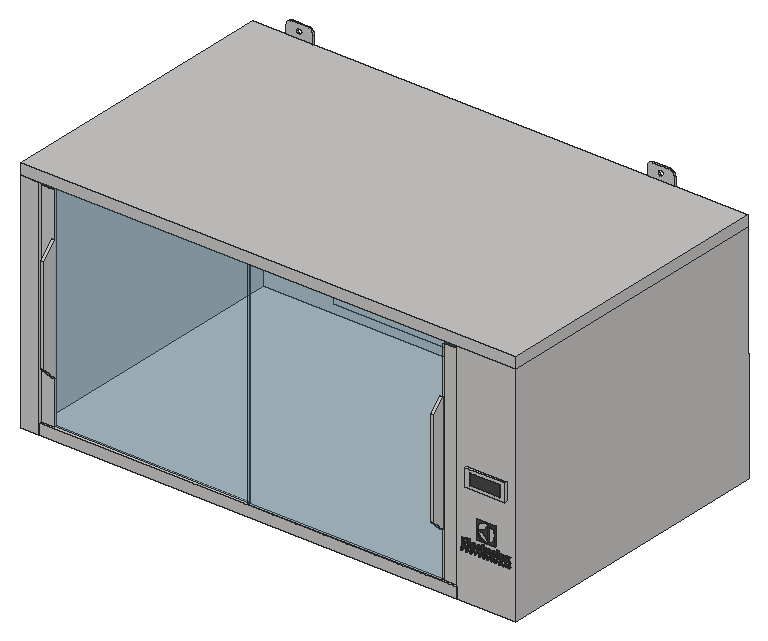
Revit family "QF_ELECTROLUXPROFESSIONAL_240025_SAFEBOXSEU", category Specialty Equipment, Revit 2018
Family settings
  Round Connector Dimension = Use Diameter
  Part Type = Normal
  Work Plane-Based = No
  Always vertical = Yes
  Cut with Voids When Loaded = No
  Shared = No
  Room Calculation Point = No
Parameters
  Weight = 36.00 kg
  Watts = 0 W
  Volts = 0 V
  URL Manufacturer = ""
  URL = ""
  Steam Supply Size = 0 mm
  Steam Supply Minimum Pressure = 0.0 Pa
  Steam Supply Maximum Pressure = 0.0 Pa
  Steam Pounds per Hour = 0
  Refrigeration Suction Line Size = 0 mm
  Refrigeration Liquid Line Size = 0 mm
  Refrigerant Compressor Remote = yes
  Manufacturer = ""
  Phase = 0
  Model = ""
  Length Actual = 920.0 mm  # constant formula
  Item Number = ""
  Hot Water Size = 0 mm
  Height Actual = 450.0 mm  # constant formula
  HP = "0.8 HP"
  Gas Size = 0 mm
  Gas KW = 0
  Gas Input Pressure = 0 W
  Direct Waste Size = 0 mm
  Description = ""
  Depth Actual = 590.0 mm  # constant formula
  Cycle = 0 Hz
  Condensate Return Size = 0 mm
  Compressed Air Volume = 0.0 L/s
  Compressed Air Size = 0 mm
  Compressed Air Pressure = 0.0 Pa
  Cold Water Size = 0 mm
  Accessory = yes
Types (2, lengths in mm): name | Volts | URL Manufacturer | URL | Manufacturer | Phase | Model | Item Number | Description | Cycle
  (no name) | 0 V | "" | "" | "" | 0 | "" | "" | "" | 0 Hz
  Standard | 220 V | "http://professional.electrolux.com" | "http://professional.electrolux.com" | "Electrolux Professional" | 1 | "SAFEBOXSEU" | "240425" | "SAFEBOX HOLD WARMING CONTAINER FOR FOOD PICK UP, TAKE AWAY AND DELIVERY" | 50 Hz
Reference planes
  plane 1 "Center (Front/Back)": y = 0
  plane 2: z = 0
  plane 3 "Center (Left/Right)": x = 0
  plane 4 "LEFT": x = -460
  plane 5 "RIGHT": x = 460
  plane 6 "BACK": y = 270
  plane 7 "FRONT": y = -270
  plane 8 "Base": z = 11
  plane 9 "TOP": z = 451
  plane 10: x = -430
  plane 11: y = 250
  plane 12: y = -220
  plane 13: x = 360
Forms (mm)
  Extrusion 1, solid, material "QF_Finishes_Stainless Steel"
    sketch origin (0, 0, 11) x (0, 1, 0) y (-1, 0, 0)
      loop
        line (270, 460) -> (-270, 460) -> (-270, 425) -> (250, 425) -> (250, -350) -> (-270, -350) -> (-270, -460) -> (270, -460) -> (270, 460)
    from 0 to 420
  Extrusion 2, solid, material "QF_Finishes_Stainless Steel"
    sketch origin (0, 0, 451) x (0, 1, 0) y (-1, 0, 0)
      loop
        line (270, 460) -> (-270, 460) -> (-270, -460) -> (270, -460) -> (270, 460)
    from 0 to -20
  Extrusion 3, void
    sketch origin (0, -270, 0) x (-1, 0, 0) y (0, 0, 1)
      loop
        line (140.985, 386.837) -> (-115, 386.837) -> (-115, 166) -> (140.985, 166) -> (140.985, 386.837)
    from 520 to 540
  Extrusion 4, solid, material "QF_Finishes_Stainless Steel"
    sketch origin (460, 0, 0) x (0, 1, 0) y (0, 0, 1)
      loop
        line (250, 386.837) -> (250, 166) -> (320, 166) -> (320, 386.837) -> (250, 386.837)
    from -600.985 to -345
  Extrusion 5, solid, material "QF_Finishes_Stainless Steel"
    sketch origin (0, 270, 0) x (-1, 0, 0) y (0, 0, 1)
      loop
        line (260.985, 386.837) -> (-235, 386.837) -> (-235, 76) -> (260.985, 76) -> (260.985, 386.837)
    from 0 to -60
  Extrusion 6, solid, material "Glass"
    sketch origin (0, -270, 0) x (-1, 0, 0) y (0, 0, 1)
      loop
        line (425, 431) -> (37.5, 431) -> (37.5, 31) -> (400, 31) -> (400, 426) -> (425, 426) -> (425, 431)
    from 4 to 8
  Extrusion 7, solid, material "Glass"
    sketch origin (385, -270, 0) x (-1, 0, 0) y (0, 0, 1)
      loop
        line (422.5, 431) -> (35, 431) -> (35, 426) -> (60, 426) -> (60, 31) -> (422.5, 31) -> (422.5, 431)
    from 0 to 4
  Extrusion 8, solid, material "QF_Finishes_Stainless Steel"
    sketch origin (0, 0, 0) x (0, 1, 0) y (0, 0, 1)
      loop
        line (-266, 112) -> (-266, 342.426) -> (-291.213, 317.213) -> (-291.213, 137.213) -> (-266, 112)
    from -400 to -405
  Extrusion 9, solid, material "QF_Finishes_Stainless Steel"
    sketch origin (0, -270, 0) x (-1, 0, 0) y (0, 0, 1)
      loop
        line (-350, 426) -> (-350, 31) -> (-325, 31) -> (-325, 426) -> (-350, 426)
      loop
        line (400, 426) -> (400, 31) -> (425, 31) -> (425, 426) -> (400, 426)
    from 4 to 8
  Extrusion 10, solid, material "QF_Finishes_Stainless Steel"
    sketch origin (0, 0, 451) x (0, 1, 0) y (-1, 0, 0)
      loop
        line (270, 425) -> (-270, 425) -> (-270, -350) -> (270, -350) -> (270, 425)
    from -420 to -440
  Extrusion 11, solid, material "QF_Finishes_Stainless Steel"
    sketch origin (0, 0, 0) x (0, 1, 0) y (0, 0, 1)
      loop
        line (-270, 116) -> (-270, 338.426) -> (-291.213, 317.213) -> (-291.213, 137.213) -> (-270, 116)
    from 325 to 320
  Extrusion 12, solid, material "QF_Finishes_Stainless Steel"
    sketch origin (0, -270, 0) x (-1, 0, 0) y (0, 0, 1)
      loop
        line (-368.864, 238.032) -> (-443.864, 238.032) -> (-443.864, 206) -> (-368.864, 206) -> (-368.864, 238.032)
      loop
        line (-378.864, 233.032) -> (-433.864, 233.032) -> (-433.864, 211) -> (-378.864, 211) -> (-378.864, 233.032)
    from 0 to -5
  Extrusion 13, solid, material "QF_Finishes_Black"
    sketch origin (0, -270, 0) x (-1, 0, 0) y (0, 0, 1)
      loop
        line (-378.864, 233.032) -> (-433.864, 233.032) -> (-433.864, 211) -> (-378.864, 211) -> (-378.864, 233.032)
    from 0 to -5
  Extrusion 14, solid, material "QF_Finishes_Stainless Steel"
    sketch origin (0, 270, 0) x (-1, 0, 0) y (0, 0, 1)
      loop
        circle (-420, 40) r 10
    from 0 to 2
  Extrusion 15, solid, material "QF_Finishes_Rubber Black"
    sketch origin (0, 0, 0) x (1, 0, 0) y (0, 1, 0)
      loop
        circle (-430, 250) r 15
      loop
        circle (360, 250) r 15
      loop
        circle (-430, -220) r 15
      loop
        circle (360, -220) r 15
    from 0 to 7
  Extrusion 16, solid, material "QF_Finishes_Stainless Steel"
    sketch origin (0, 0, 0) x (1, 0, 0) y (0, 1, 0)
      loop
        circle (-430, 250) r 12.5
      loop
        circle (360, 250) r 12.5
      loop
        circle (-430, -220) r 12.5
      loop
        circle (360, -220) r 12.5
    from 11 to 7
  Extrusion 17, solid, material "QF_Finishes_Black"
    sketch origin (0, -270, 0) x (-1, 0, 0) y (0, 0, 1)
      loop
        line (-365.303, 106.172) -> (-369.867, 106.172) -> (-369.867, 103.843) -> (-365.283, 103.843) -> (-364.31, 103.912)
        spline (-364.31, 103.912) -> (-363.72, 104.027) -> (-363.188, 104.196) -> (-362.713, 104.417) -> (-362.293, 104.688) -> (-361.928, 105.008) -> (-361.615, 105.374) -> (-361.354, 105.784) -> (-361.143, 106.237) -> (-360.981, 106.73) -> (-360.867, 107.261) -> (-360.8, 107.829) -> (-360.778, 108.432)
        line (-360.778, 108.432) -> (-360.778, 118.232) -> (-369.694, 118.232) -> (-369.694, 115.901) -> (-363.255, 115.901) -> (-363.255, 112.497) -> (-369.309, 112.497) -> (-369.309, 110.16) -> (-363.256, 110.16) -> (-363.256, 108.326)
        spline (-363.256, 108.326) -> (-363.281, 107.913) -> (-363.353, 107.553) -> (-363.465, 107.245) -> (-363.612, 106.983) -> (-363.787, 106.765) -> (-363.984, 106.587) -> (-364.198, 106.446) -> (-364.423, 106.338) -> (-364.651, 106.26) -> (-364.878, 106.209) -> (-365.097, 106.18) -> (-365.303, 106.172)
      loop
        line (-371.627, 111.433) -> (-371.627, 118.236) -> (-374.105, 118.236) -> (-374.105, 103.839) -> (-371.627, 103.839) -> (-371.627, 111.433)
      loop
        line (-386.378, 109.309) -> (-386.336, 108.438) -> (-378.204, 108.438)
        spline (-378.204, 108.438) -> (-378.248, 108.035) -> (-378.338, 107.658) -> (-378.472, 107.309) -> (-378.648, 106.99) -> (-378.864, 106.701) -> (-379.119, 106.446) -> (-379.411, 106.225) -> (-379.737, 106.04) -> (-380.097, 105.893) -> (-380.488, 105.786) -> (-380.909, 105.721) -> (-381.357, 105.699)
        spline (-381.357, 105.699) -> (-381.663, 105.707) -> (-381.951, 105.733) -> (-382.221, 105.776) -> (-382.476, 105.836) -> (-382.717, 105.912) -> (-382.947, 106.005) -> (-383.167, 106.114) -> (-383.378, 106.24) -> (-383.583, 106.382) -> (-383.784, 106.539) -> (-383.982, 106.713) -> (-384.179, 106.902)
        line (-384.179, 106.902) -> (-385.672, 105.45)
        spline (-385.672, 105.45) -> (-385.333, 105.112) -> (-384.988, 104.814) -> (-384.638, 104.554) -> (-384.283, 104.329) -> (-383.923, 104.138) -> (-383.559, 103.979) -> (-383.19, 103.85) -> (-382.816, 103.748) -> (-382.437, 103.673) -> (-382.054, 103.621) -> (-381.666, 103.592) -> (-381.274, 103.583)
        spline (-381.274, 103.583) -> (-380.471, 103.626) -> (-379.714, 103.756) -> (-379.009, 103.967) -> (-378.359, 104.258) -> (-377.77, 104.624) -> (-377.245, 105.062) -> (-376.789, 105.568) -> (-376.406, 106.141) -> (-376.1, 106.775) -> (-375.877, 107.468) -> (-375.739, 108.217) -> (-375.693, 109.018)
        spline (-375.693, 109.018) -> (-375.741, 109.838) -> (-375.882, 110.605) -> (-376.111, 111.315) -> (-376.422, 111.965) -> (-376.81, 112.55) -> (-377.268, 113.068) -> (-377.793, 113.516) -> (-378.378, 113.889) -> (-379.018, 114.186) -> (-379.707, 114.402) -> (-380.44, 114.534) -> (-381.212, 114.579)
        spline (-381.212, 114.579) -> (-381.967, 114.531) -> (-382.675, 114.391) -> (-383.332, 114.167) -> (-383.934, 113.862) -> (-384.479, 113.485) -> (-384.962, 113.041) -> (-385.38, 112.535) -> (-385.73, 111.975) -> (-386.008, 111.366) -> (-386.211, 110.715) -> (-386.336, 110.027) -> (-386.378, 109.309)
      loop
        line (-383.847, 110.18) -> (-378.266, 110.18)
        spline (-378.266, 110.18) -> (-378.316, 110.491) -> (-378.412, 110.789) -> (-378.551, 111.071) -> (-378.73, 111.334) -> (-378.945, 111.577) -> (-379.194, 111.796) -> (-379.473, 111.988) -> (-379.78, 112.152) -> (-380.11, 112.284) -> (-380.461, 112.381) -> (-380.829, 112.442) -> (-381.212, 112.462)
        spline (-381.212, 112.462) -> (-381.569, 112.441) -> (-381.911, 112.38) -> (-382.236, 112.281) -> (-382.54, 112.147) -> (-382.821, 111.982) -> (-383.074, 111.788) -> (-383.297, 111.568) -> (-383.486, 111.325) -> (-383.639, 111.062) -> (-383.752, 110.781) -> (-383.823, 110.487) -> (-383.847, 110.18)
      loop
        spline (-390.126, 109.081) -> (-390.155, 108.619) -> (-390.238, 108.182) -> (-390.372, 107.772) -> (-390.554, 107.392) -> (-390.781, 107.044) -> (-391.05, 106.734) -> (-391.356, 106.462) -> (-391.697, 106.233) -> (-392.069, 106.049) -> (-392.47, 105.914) -> (-392.895, 105.831) -> (-393.342, 105.803)
        spline (-393.342, 105.803) -> (-393.616, 105.811) -> (-393.879, 105.837) -> (-394.131, 105.879) -> (-394.372, 105.937) -> (-394.603, 106.011) -> (-394.826, 106.101) -> (-395.039, 106.206) -> (-395.245, 106.325) -> (-395.443, 106.459) -> (-395.634, 106.607) -> (-395.819, 106.769) -> (-395.998, 106.944)
        line (-395.998, 106.944) -> (-397.533, 105.346)
        spline (-397.533, 105.346) -> (-397.228, 105.04) -> (-396.913, 104.766) -> (-396.589, 104.521) -> (-396.258, 104.306) -> (-395.918, 104.12) -> (-395.57, 103.961) -> (-395.215, 103.829) -> (-394.853, 103.723) -> (-394.484, 103.642) -> (-394.109, 103.585) -> (-393.729, 103.552) -> (-393.342, 103.541)
        spline (-393.342, 103.541) -> (-392.568, 103.589) -> (-391.826, 103.729) -> (-391.124, 103.957) -> (-390.467, 104.267) -> (-389.863, 104.654) -> (-389.317, 105.113) -> (-388.838, 105.638) -> (-388.431, 106.224) -> (-388.102, 106.867) -> (-387.86, 107.561) -> (-387.709, 108.3) -> (-387.658, 109.081)
        spline (-387.658, 109.081) -> (-387.709, 109.861) -> (-387.86, 110.6) -> (-388.102, 111.294) -> (-388.431, 111.937) -> (-388.838, 112.523) -> (-389.317, 113.049) -> (-389.863, 113.507) -> (-390.467, 113.894) -> (-391.124, 114.204) -> (-391.826, 114.432) -> (-392.568, 114.572) -> (-393.342, 114.62)
        spline (-393.342, 114.62) -> (-393.729, 114.609) -> (-394.109, 114.576) -> (-394.484, 114.519) -> (-394.853, 114.438) -> (-395.215, 114.332) -> (-395.57, 114.2) -> (-395.918, 114.041) -> (-396.258, 113.855) -> (-396.589, 113.64) -> (-396.913, 113.395) -> (-397.228, 113.121) -> (-397.533, 112.815)
        line (-397.533, 112.815) -> (-395.998, 111.217)
        spline (-395.998, 111.217) -> (-395.819, 111.392) -> (-395.634, 111.554) -> (-395.443, 111.702) -> (-395.245, 111.836) -> (-395.039, 111.956) -> (-394.826, 112.06) -> (-394.603, 112.15) -> (-394.372, 112.224) -> (-394.131, 112.282) -> (-393.879, 112.324) -> (-393.616, 112.35) -> (-393.342, 112.359)
        spline (-393.342, 112.359) -> (-392.895, 112.33) -> (-392.47, 112.247) -> (-392.069, 112.112) -> (-391.697, 111.928) -> (-391.356, 111.699) -> (-391.05, 111.427) -> (-390.781, 111.117) -> (-390.554, 110.769) -> (-390.372, 110.389) -> (-390.238, 109.979) -> (-390.155, 109.542) -> (-390.126, 109.081)
      loop
        line (-403.852, 106.168) -> (-403.843, 103.839) -> (-402.797, 103.887)
        spline (-402.797, 103.887) -> (-402.209, 103.986) -> (-401.675, 104.138) -> (-401.195, 104.342) -> (-400.766, 104.596) -> (-400.389, 104.897) -> (-400.061, 105.244) -> (-399.782, 105.635) -> (-399.55, 106.068) -> (-399.365, 106.542) -> (-399.225, 107.053) -> (-399.129, 107.602) -> (-399.076, 108.185)
        line (-399.076, 108.185) -> (-399.076, 118.236) -> (-401.555, 118.236) -> (-401.555, 114.25) -> (-403.806, 114.25) -> (-403.806, 111.998) -> (-401.551, 111.998) -> (-401.551, 108.326)
        spline (-401.551, 108.326) -> (-401.603, 107.889) -> (-401.701, 107.513) -> (-401.839, 107.193) -> (-402.01, 106.924) -> (-402.209, 106.704) -> (-402.429, 106.527) -> (-402.664, 106.391) -> (-402.909, 106.29) -> (-403.156, 106.222) -> (-403.399, 106.181) -> (-403.634, 106.165) -> (-403.852, 106.168)
      loop
        line (-412.191, 114.394) -> (-412.191, 111.998) -> (-411.158, 112.101)
        spline (-411.158, 112.101) -> (-410.743, 112.079) -> (-410.355, 112.014) -> (-409.996, 111.907) -> (-409.668, 111.759) -> (-409.372, 111.573) -> (-409.111, 111.35) -> (-408.885, 111.091) -> (-408.697, 110.798) -> (-408.547, 110.472) -> (-408.438, 110.115) -> (-408.372, 109.728) -> (-408.349, 109.313)
        line (-408.349, 109.313) -> (-408.349, 103.839) -> (-405.891, 103.839) -> (-405.891, 114.249) -> (-408.349, 114.249) -> (-408.349, 112.701)
        spline (-408.349, 112.701) -> (-408.54, 112.99) -> (-408.758, 113.255) -> (-409.003, 113.497) -> (-409.272, 113.712) -> (-409.565, 113.902) -> (-409.881, 114.063) -> (-410.218, 114.196) -> (-410.576, 114.3) -> (-410.954, 114.372) -> (-411.349, 114.413) -> (-411.762, 114.421) -> (-412.191, 114.394)
      loop
        spline (-423.931, 109.044) -> (-423.879, 108.281) -> (-423.728, 107.553) -> (-423.485, 106.867) -> (-423.156, 106.229) -> (-422.748, 105.644) -> (-422.268, 105.118) -> (-421.723, 104.657) -> (-421.119, 104.266) -> (-420.463, 103.953) -> (-419.762, 103.721) -> (-419.022, 103.578) -> (-418.251, 103.529)
        spline (-418.251, 103.529) -> (-417.475, 103.578) -> (-416.733, 103.721) -> (-416.03, 103.953) -> (-415.374, 104.266) -> (-414.77, 104.657) -> (-414.225, 105.118) -> (-413.747, 105.644) -> (-413.341, 106.229) -> (-413.013, 106.867) -> (-412.772, 107.553) -> (-412.622, 108.281) -> (-412.57, 109.044)
        spline (-412.57, 109.044) -> (-412.622, 109.808) -> (-412.772, 110.536) -> (-413.013, 111.222) -> (-413.341, 111.86) -> (-413.747, 112.445) -> (-414.225, 112.971) -> (-414.77, 113.432) -> (-415.374, 113.822) -> (-416.03, 114.136) -> (-416.733, 114.367) -> (-417.475, 114.51) -> (-418.251, 114.559)
        spline (-418.251, 114.559) -> (-419.022, 114.51) -> (-419.762, 114.367) -> (-420.463, 114.136) -> (-421.119, 113.822) -> (-421.723, 113.432) -> (-422.268, 112.971) -> (-422.748, 112.445) -> (-423.156, 111.86) -> (-423.485, 111.222) -> (-423.728, 110.536) -> (-423.879, 109.808) -> (-423.931, 109.044)
      loop
        spline (-421.473, 109.044) -> (-421.444, 108.594) -> (-421.36, 108.164) -> (-421.225, 107.759) -> (-421.041, 107.381) -> (-420.813, 107.035) -> (-420.543, 106.723) -> (-420.236, 106.45) -> (-419.894, 106.218) -> (-419.521, 106.032) -> (-419.121, 105.895) -> (-418.696, 105.81) -> (-418.251, 105.78)
        spline (-418.251, 105.78) -> (-417.801, 105.81) -> (-417.374, 105.895) -> (-416.972, 106.032) -> (-416.599, 106.218) -> (-416.257, 106.45) -> (-415.951, 106.723) -> (-415.683, 107.035) -> (-415.456, 107.381) -> (-415.274, 107.759) -> (-415.14, 108.164) -> (-415.058, 108.594) -> (-415.029, 109.044)
        spline (-415.029, 109.044) -> (-415.058, 109.495) -> (-415.14, 109.924) -> (-415.274, 110.33) -> (-415.456, 110.708) -> (-415.683, 111.054) -> (-415.951, 111.366) -> (-416.257, 111.639) -> (-416.599, 111.87) -> (-416.972, 112.056) -> (-417.374, 112.194) -> (-417.801, 112.279) -> (-418.251, 112.308)
        spline (-418.251, 112.308) -> (-418.696, 112.279) -> (-419.121, 112.194) -> (-419.521, 112.056) -> (-419.894, 111.87) -> (-420.236, 111.639) -> (-420.543, 111.366) -> (-420.813, 111.054) -> (-421.041, 110.708) -> (-421.225, 110.33) -> (-421.36, 109.924) -> (-421.444, 109.495) -> (-421.473, 109.044)
      loop
        line (-425.455, 111.681) -> (-425.455, 118.236) -> (-427.935, 118.236) -> (-427.935, 103.839) -> (-425.455, 103.839) -> (-425.455, 111.681)
      loop
        line (-436.874, 114.249) -> (-439.372, 114.249) -> (-439.372, 108.032)
        spline (-439.372, 108.032) -> (-439.327, 107.311) -> (-439.198, 106.654) -> (-438.989, 106.062) -> (-438.708, 105.535) -> (-438.361, 105.071) -> (-437.952, 104.67) -> (-437.49, 104.332) -> (-436.98, 104.057) -> (-436.428, 103.843) -> (-435.84, 103.691) -> (-435.222, 103.601) -> (-434.581, 103.57)
        spline (-434.581, 103.57) -> (-433.945, 103.6) -> (-433.332, 103.69) -> (-432.749, 103.839) -> (-432.202, 104.05) -> (-431.696, 104.322) -> (-431.237, 104.655) -> (-430.833, 105.05) -> (-430.488, 105.507) -> (-430.209, 106.028) -> (-430.003, 106.611) -> (-429.874, 107.259) -> (-429.83, 107.97)
        line (-429.83, 107.97) -> (-429.83, 114.249) -> (-432.33, 114.249) -> (-432.33, 108.176)
        spline (-432.33, 108.176) -> (-432.349, 107.788) -> (-432.407, 107.437) -> (-432.502, 107.124) -> (-432.629, 106.847) -> (-432.789, 106.605) -> (-432.977, 106.398) -> (-433.193, 106.225) -> (-433.434, 106.085) -> (-433.697, 105.978) -> (-433.981, 105.902) -> (-434.283, 105.857) -> (-434.601, 105.843)
        spline (-434.601, 105.843) -> (-434.919, 105.857) -> (-435.222, 105.902) -> (-435.506, 105.978) -> (-435.769, 106.086) -> (-436.01, 106.227) -> (-436.226, 106.401) -> (-436.414, 106.609) -> (-436.574, 106.853) -> (-436.702, 107.133) -> (-436.796, 107.45) -> (-436.854, 107.804) -> (-436.874, 108.198)
        line (-436.874, 108.198) -> (-436.874, 114.249)
      loop
        line (-448.75, 107.168) -> (-451.132, 103.839) -> (-448.467, 103.839) -> (-445.823, 107.516) -> (-443.179, 103.839) -> (-440.515, 103.839) -> (-442.307, 106.335) -> (-444.46, 109.334) -> (-442.406, 112.143) -> (-440.866, 114.249) -> (-443.551, 114.249) -> (-445.823, 111.13) -> (-448.075, 114.249) -> (-450.781, 114.249) -> (-449.123, 111.991) -> (-447.187, 109.354) -> (-448.75, 107.168)
      loop
        arc (-362.172, 101.574) -> (-363.817, 99.929) -> (-362.172, 98.284) r 1.645
        line (-362.172, 98.284) -> (-361.277, 98.284) -> (-361.277, 96.598) -> (-360.254, 96.598) -> (-360.254, 101.574) -> (-362.172, 101.574)
      loop
        arc (-362.13, 100.634) -> (-362.835, 99.929) -> (-362.13, 99.225) r 0.704
        line (-362.13, 99.225) -> (-361.277, 99.225) -> (-361.277, 100.634) -> (-362.13, 100.634)
      loop
        arc (-369.98, 101.574) -> (-371.128, 101.107) -> (-371.622, 99.97) r 1.643
        arc (-371.622, 99.97) -> (-371.405, 99.145) -> (-370.78, 98.564) r 1.536
        line (-370.78, 98.564) -> (-371.975, 96.598) -> (-370.813, 96.598) -> (-369.832, 98.23) -> (-369.051, 98.312) -> (-369.051, 96.598) -> (-368.028, 96.598) -> (-368.028, 101.574) -> (-369.98, 101.574)
      loop
        line (-369.891, 99.245) -> (-369.051, 99.245) -> (-369.051, 100.634) -> (-369.959, 100.634)
        arc (-369.959, 100.634) -> (-370.586, 99.907) -> (-369.891, 99.245) r 0.696
      loop
        circle (-378.328, 99.086) r 2.585
      loop
        circle (-378.328, 99.086) r 1.64
      loop
        line (-385.193, 101.574) -> (-388.269, 101.574) -> (-388.269, 100.634) -> (-386.217, 100.634) -> (-386.217, 99.584) -> (-388.089, 99.584) -> (-388.089, 98.644) -> (-386.217, 98.644) -> (-386.217, 96.598) -> (-385.193, 96.598) -> (-385.193, 101.574)
      loop
        line (-392.491, 101.574) -> (-395.642, 101.574) -> (-395.642, 100.634) -> (-393.514, 100.634) -> (-393.514, 99.769) -> (-395.504, 99.769) -> (-395.504, 98.987) -> (-393.514, 98.987) -> (-393.514, 98.16)
        arc (-393.514, 98.16) -> (-393.741, 97.612) -> (-394.289, 97.385) r 0.775
        line (-394.289, 97.385) -> (-395.691, 97.385) -> (-395.691, 96.598) -> (-394.083, 96.598)
        arc (-394.083, 96.598) -> (-392.95, 97.072) -> (-392.491, 98.212) r 1.593
        line (-392.491, 98.212) -> (-392.491, 101.574)
      loop
        arc (-402.384, 100.269) -> (-401.963, 100.602) -> (-401.439, 100.718) r 1.197
        arc (-401.439, 100.718) -> (-400.968, 100.342) -> (-401.294, 99.834) r 0.45
        arc (-401.294, 99.834) -> (-401.859, 99.623) -> (-402.409, 99.377) r 9.883
        arc (-402.409, 99.377) -> (-402.845, 99.093) -> (-403.185, 98.7) r 1.876
        arc (-403.185, 98.7) -> (-403.343, 97.847) -> (-403.037, 97.035) r 1.618
        arc (-403.037, 97.035) -> (-402.346, 96.668) -> (-401.579, 96.515) r 2.696
        arc (-401.579, 96.515) -> (-400.959, 96.578) -> (-400.385, 96.823) r 2.063
        arc (-400.385, 96.823) -> (-399.932, 97.214) -> (-399.622, 97.725) r 1.914
        line (-399.622, 97.725) -> (-400.404, 98.216)
        arc (-400.404, 98.216) -> (-400.668, 97.808) -> (-401.089, 97.567) r 1.033
        arc (-401.089, 97.567) -> (-401.662, 97.452) -> (-402.203, 97.672) r 1.016
        arc (-402.203, 97.672) -> (-402.359, 98.025) -> (-402.162, 98.356) r 0.42
        arc (-402.162, 98.356) -> (-401.656, 98.632) -> (-401.122, 98.849) r 5.041
        arc (-401.122, 98.849) -> (-400.544, 99.153) -> (-400.1, 99.632) r 1.928
        arc (-400.1, 99.632) -> (-399.987, 100.071) -> (-399.976, 100.524) r 1.985
        arc (-399.976, 100.524) -> (-400.091, 100.911) -> (-400.349, 101.222) r 1.013
        arc (-400.349, 101.222) -> (-400.896, 101.533) -> (-401.512, 101.657) r 1.974
        arc (-401.512, 101.657) -> (-402.438, 101.438) -> (-403.12, 100.774) r 1.782
        line (-403.12, 100.774) -> (-402.384, 100.269)
      loop
        arc (-409.903, 100.269) -> (-409.482, 100.602) -> (-408.958, 100.718) r 1.197
        arc (-408.958, 100.718) -> (-408.486, 100.342) -> (-408.812, 99.834) r 0.45
        arc (-408.812, 99.834) -> (-409.377, 99.623) -> (-409.928, 99.377) r 9.883
        arc (-409.928, 99.377) -> (-410.363, 99.093) -> (-410.703, 98.7) r 1.876
        arc (-410.703, 98.7) -> (-410.861, 97.847) -> (-410.556, 97.035) r 1.618
        arc (-410.556, 97.035) -> (-409.865, 96.668) -> (-409.097, 96.515) r 2.696
        arc (-409.097, 96.515) -> (-408.477, 96.578) -> (-407.903, 96.823) r 2.063
        arc (-407.903, 96.823) -> (-407.451, 97.214) -> (-407.141, 97.725) r 1.914
        line (-407.141, 97.725) -> (-407.922, 98.216)
        arc (-407.922, 98.216) -> (-408.186, 97.808) -> (-408.607, 97.567) r 1.033
        arc (-408.607, 97.567) -> (-409.18, 97.452) -> (-409.721, 97.672) r 1.016
        arc (-409.721, 97.672) -> (-409.877, 98.025) -> (-409.68, 98.356) r 0.42
        arc (-409.68, 98.356) -> (-409.174, 98.632) -> (-408.64, 98.849) r 5.041
        arc (-408.64, 98.849) -> (-408.062, 99.153) -> (-407.619, 99.632) r 1.928
        arc (-407.619, 99.632) -> (-407.505, 100.071) -> (-407.494, 100.524) r 1.985
        arc (-407.494, 100.524) -> (-407.61, 100.911) -> (-407.868, 101.222) r 1.013
        arc (-407.868, 101.222) -> (-408.414, 101.533) -> (-409.03, 101.657) r 1.974
        arc (-409.03, 101.657) -> (-409.956, 101.438) -> (-410.638, 100.774) r 1.782
        line (-410.638, 100.774) -> (-409.903, 100.269)
      loop
        line (-415.094, 101.574) -> (-416.118, 101.574) -> (-416.118, 96.598) -> (-415.094, 96.598) -> (-415.094, 101.574)
      loop
        circle (-423.017, 99.086) r 1.548
      loop
        circle (-423.017, 99.086) r 2.585
      loop
        line (-429.882, 96.598) -> (-429.882, 101.574) -> (-430.878, 101.574) -> (-433.154, 98.351) -> (-433.154, 101.574) -> (-434.188, 101.574) -> (-434.188, 96.598) -> (-433.193, 96.598) -> (-430.916, 99.727) -> (-430.916, 96.598) -> (-429.882, 96.598)
      loop
        line (-439.347, 96.598) -> (-438.249, 96.598) -> (-440.753, 101.574) -> (-443.258, 96.598) -> (-442.158, 96.598) -> (-441.673, 97.671) -> (-439.832, 97.671) -> (-439.347, 96.598)
      loop
        line (-440.753, 99.714) -> (-441.214, 98.692) -> (-440.291, 98.692) -> (-440.753, 99.714)
      loop
        line (-448.34, 97.539) -> (-450.254, 97.539) -> (-450.254, 96.598) -> (-447.317, 96.598) -> (-447.317, 101.574) -> (-448.34, 101.574) -> (-448.34, 97.539)
      loop
        line (-388.337, 123.178) -> (-388.337, 157.751) -> (-422.957, 157.751) -> (-422.957, 123.178) -> (-388.337, 123.178)
      loop
        arc (-410.269, 156.054) -> (-421.768, 140.5) -> (-410.269, 124.946) r 16.269
        line (-410.269, 124.946) -> (-410.269, 156.054)
      loop
        arc (-408.687, 153.801) -> (-403.858, 145.134) -> (-394.664, 141.402) r 14.944
        line (-394.664, 141.402) -> (-389.517, 141.402)
        arc (-389.517, 141.402) -> (-395.75, 153.113) -> (-408.687, 156.054) r 15.943
        line (-408.687, 156.054) -> (-408.687, 153.801)
      loop
        line (-389.517, 139.598) -> (-394.664, 139.598)
        arc (-394.664, 139.598) -> (-403.858, 135.866) -> (-408.687, 127.199) r 14.944
        line (-408.687, 127.199) -> (-408.687, 124.547)
        arc (-408.687, 124.547) -> (-395.74, 127.79) -> (-389.517, 139.598) r 16.36
    from 0 to -1.6
  Extrusion 18, solid, material "QF_Finishes_Stainless Steel"
    sketch origin (0, 270, 0) x (-1, 0, 0) y (0, 0, 1)
      loop
        line (398.117, 431) -> (398.117, 466)
        arc (398.117, 466) -> (395.188, 473.071) -> (388.117, 476) r 10
        line (388.117, 476) -> (358.117, 476)
        arc (358.117, 476) -> (351.046, 473.071) -> (348.117, 466) r 10
        line (348.117, 466) -> (348.117, 431) -> (398.117, 431)
      loop
        circle (373.117, 463.03) r 5
      loop
        line (-323.117, 431) -> (-273.117, 431) -> (-273.117, 466)
        arc (-273.117, 466) -> (-276.046, 473.071) -> (-283.117, 476) r 10
        line (-283.117, 476) -> (-313.117, 476)
        arc (-313.117, 476) -> (-320.188, 473.071) -> (-323.117, 466) r 10
        line (-323.117, 466) -> (-323.117, 431)
      loop
        circle (-298.117, 463.03) r 5
    from 1.641 to 0
  Extrusion 19, solid, material "QF_Door-Drawer Clearances", detail levels coarse
    sketch origin (0, 0, 0) x (0, 1, 0) y (0, 0, 1)
      loop
        line (-266, 112) -> (-266, 342.426) -> (-291.213, 317.213) -> (-291.213, 137.213) -> (-266, 112)
    from -63 to -68
  Extrusion 20, solid, material "QF_Door-Drawer Clearances", detail levels coarse
    sketch origin (337, -270, 0) x (-1, 0, 0) y (0, 0, 1)
      loop
        line (400, 426) -> (400, 31) -> (425, 31) -> (425, 426) -> (400, 426)
    from 4 to 8
Cuts and joins
  Extrusion 3 cuts Extrusion 1
  joined: Extrusion 8, Extrusion 9, Extrusion 11
Lines and regions (mm)
  symbolic lines
    curve 1: line (-460, 270, 0) -> (460, 270, 0)
    curve 2: line (-460, -270, 0) -> (-460, 270, 0)
    curve 3: line (460, -270, 0) -> (-460, -270, 0)
    curve 4: line (460, 270, 0) -> (460, -270, 0)
    curve 5: line (115, 320, 0) -> (-140.985, 320, 0)
    curve 6: line (-140.985, 320, 0) -> (-140.985, 270, 0)
    curve 7: line (115, 270, 0) -> (115, 320, 0)
    curve 8: line (-405, -270, 0) -> (-405, -291.213, 0)
    curve 9: line (-405, -291.213, 0) -> (-400, -291.213, 0)
    curve 10: line (-400, -291.213, 0) -> (-400, -270, 0)
    curve 11: line (320, -270, 0) -> (320, -291.213, 0)
    curve 12: line (320, -291.213, 0) -> (325, -291.213, 0)
    curve 13: line (325, -291.213, 0) -> (325, -270, 0)
    curve 17: line (368.864, -275, 0) -> (368.864, -270, 0)
    curve 18: line (368.864, -275, 0) -> (443.864, -275, 0)
    curve 19: line (443.864, -275, 0) -> (443.864, -270, 0)
    curve 20: line (-398.117, 270, 0) -> (-398.117, 271.641, 0)
    curve 21: line (-398.117, 271.641, 0) -> (-348.117, 271.641, 0)
    curve 22: line (-348.117, 271.641, 0) -> (-348.117, 270, 0)
    curve 23: line (273.117, 270, 0) -> (273.117, 271.641, 0)
    curve 24: line (273.117, 271.641, 0) -> (323.117, 271.641, 0)
    curve 25: line (323.117, 271.641, 0) -> (323.117, 270, 0)
    curve 26: line (410, 272, 0) -> (430, 272, 0)
    curve 27: line (430, 272, 0) -> (430, 270, 0)
    curve 28: line (410, 272, 0) -> (410, 270, 0)
  symbolic lines, style "SpecialityEquipmentHiddenLines"
    curve 14: line (-68, -270, 0) -> (-68, -291.213, 0)
    curve 15: line (-68, -291.213, 0) -> (-63, -291.213, 0)
    curve 16: line (-63, -291.213, 0) -> (-63, -270, 0)
Dimensions and locks
  plane 4 "LEFT" to plane 5 "RIGHT" = 920.0 mm
  equal spacing: plane 4 "LEFT", plane 3 "Center (Left/Right)", plane 5 "RIGHT"
  equal spacing: plane 6 "BACK", plane 1 "Center (Front/Back)", plane 7 "FRONT"
  plane 6 "BACK" to plane 7 "FRONT" = 540.0 mm  (x2)
  plane 8 "Base" to level = 11.0 mm
  plane 9 "TOP" to level = 451.0 mm
  plane 9 "TOP" to cut or joined group of Extrusion 1, Extrusion 3 = 64.163 mm
  level to cut or joined group of Extrusion 1, Extrusion 3 = 166.0 mm
  plane 4 "LEFT" to plane 10 = 30.0 mm
  plane 13 to plane 5 "RIGHT" = 100.0 mm
  plane 6 "BACK" to plane 11 = 20.0 mm
  plane 12 to plane 7 "FRONT" = 50.0 mm
  Extrusion 4 to Extrusion 2 = 590.0 mm
  aligned and locked: level to plane 2
Automatic sketch dimensions
  Extrusion 1 sketch curve to plane 4 "LEFT" = 0.0 mm
  Extrusion 1 sketch curve to plane 7 "FRONT" = 0.0 mm  (x2)
  Extrusion 1 sketch curve to plane 5 "RIGHT" = 0.0 mm
  Extrusion 1 sketch curve to plane 11 = 0.0 mm
  Extrusion 1 sketch curve to plane 6 "BACK" = 0.0 mm
  Extrusion 1 sketch curve to plane 13 = 10.0 mm
  plane 10 to Extrusion 1 sketch curve = 5.0 mm
  Extrusion 2 sketch curve to plane 4 "LEFT" = 0.0 mm
  Extrusion 2 sketch curve to plane 7 "FRONT" = 0.0 mm
  Extrusion 2 sketch curve to plane 6 "BACK" = 0.0 mm
  Extrusion 2 sketch curve to plane 5 "RIGHT" = 0.0 mm
  plane 3 "Center (Left/Right)" to Extrusion 3 sketch curve = 115.0 mm
  Extrusion 3 sketch curve to plane 3 "Center (Left/Right)" = 140.985 mm
  plane 8 "Base" to Extrusion 3 sketch curve = 155.0 mm
  Extrusion 3 sketch curve to plane 9 "TOP" = 64.163 mm
  Extrusion 4 sketch curve to plane 11 = 0.0 mm
  plane 6 "BACK" to Extrusion 4 sketch curve = 50.0 mm
  plane 8 "Base" to Extrusion 4 sketch curve = 155.0 mm
  Extrusion 4 sketch curve to plane 9 "TOP" = 64.163 mm
  Extrusion 5 sketch curve to plane 13 = 125.0 mm
  Extrusion 5 sketch curve to plane 9 "TOP" = 64.163 mm
  plane 10 to Extrusion 5 sketch curve = 169.015 mm
  plane 8 "Base" to Extrusion 5 sketch curve = 65.0 mm
  Extrusion 6 sketch curve to plane 3 "Center (Left/Right)" = 37.5 mm
  plane 10 to Extrusion 6 sketch curve = 30.0 mm
  plane 10 to Extrusion 6 sketch curve = 5.0 mm
  plane 8 "Base" to Extrusion 6 sketch curve = 20.0 mm
  Extrusion 6 sketch curve to plane 9 "TOP" = 25.0 mm
  Extrusion 6 sketch curve to plane 9 "TOP" = 20.0 mm
  Extrusion 7 sketch curve to plane 13 = 10.0 mm
  Extrusion 7 sketch curve to plane 13 = 35.0 mm
  Extrusion 7 sketch curve to plane 3 "Center (Left/Right)" = 37.5 mm
  plane 8 "Base" to Extrusion 7 sketch curve = 20.0 mm
  Extrusion 7 sketch curve to plane 9 "TOP" = 25.0 mm
  Extrusion 7 sketch curve to Extrusion 7 sketch curve = 5.0 mm
  Extrusion 8 sketch curve to plane 7 "FRONT" = 21.213 mm
  plane 7 "FRONT" to Extrusion 8 sketch curve = 4.0 mm
  plane 8 "Base" to Extrusion 8 sketch curve = 101.0 mm
  Extrusion 8 sketch curve to Extrusion 8 sketch curve = 25.213 mm  (x2)
  Extrusion 8 sketch curve to plane 9 "TOP" = 133.787 mm
  Extrusion 9 sketch curve to plane 13 = 10.0 mm
  Extrusion 9 sketch curve to Extrusion 9 sketch curve = 25.0 mm
  plane 10 to Extrusion 9 sketch curve = 30.0 mm
  plane 10 to Extrusion 9 sketch curve = 5.0 mm
  plane 8 "Base" to Extrusion 9 sketch curve = 20.0 mm  (x2)
  Extrusion 9 sketch curve to plane 9 "TOP" = 25.0 mm  (x2)
  Extrusion 10 sketch curve to plane 7 "FRONT" = 0.0 mm
  Extrusion 10 sketch curve to plane 6 "BACK" = 0.0 mm
  Extrusion 10 sketch curve to plane 13 = 10.0 mm
  plane 10 to Extrusion 10 sketch curve = 5.0 mm
  Extrusion 11 sketch curve to plane 7 "FRONT" = 0.0 mm
  Extrusion 11 sketch curve to plane 7 "FRONT" = 21.213 mm
  plane 8 "Base" to Extrusion 11 sketch curve = 105.0 mm
  Extrusion 11 sketch curve to Extrusion 11 sketch curve = 21.213 mm  (x2)
  Extrusion 11 sketch curve to plane 9 "TOP" = 133.787 mm
  Extrusion 12 sketch curve to plane 5 "RIGHT" = 16.136 mm
  Extrusion 12 sketch curve to Extrusion 12 sketch curve = 10.0 mm
  plane 13 to Extrusion 12 sketch curve = 18.864 mm
  plane 13 to Extrusion 12 sketch curve = 8.864 mm
  plane 8 "Base" to Extrusion 12 sketch curve = 195.0 mm
  Extrusion 12 sketch curve to Extrusion 12 sketch curve = 5.0 mm  (x2)
  Extrusion 12 sketch curve to Extrusion 12 sketch curve = 22.032 mm
  Extrusion 13 sketch curve to plane 5 "RIGHT" = 26.136 mm
  plane 13 to Extrusion 13 sketch curve = 18.864 mm
  plane 8 "Base" to Extrusion 13 sketch curve = 200.0 mm
  Extrusion 13 sketch curve to Extrusion 13 sketch curve = 22.032 mm
  Extrusion 14 sketch curve to plane 5 "RIGHT" = 40.0 mm
  plane 8 "Base" to Extrusion 14 sketch curve = 29.0 mm
  Extrusion 15 sketch curve to plane 10 = 0.0 mm  (x2)
  Extrusion 15 sketch curve to plane 12 = 0.0 mm  (x2)
  Extrusion 15 sketch curve to plane 13 = 0.0 mm  (x2)
  Extrusion 15 sketch curve to plane 11 = 0.0 mm  (x2)
  Extrusion 16 sketch curve to plane 10 = 0.0 mm  (x2)
  Extrusion 16 sketch curve to plane 12 = 0.0 mm  (x2)
  Extrusion 16 sketch curve to plane 13 = 0.0 mm  (x2)
  Extrusion 16 sketch curve to plane 11 = 0.0 mm  (x2)
  Extrusion 17 sketch curve to Extrusion 17 sketch curve = 0.0 mm  (x37)
  Extrusion 17 sketch curve to plane 5 "RIGHT" = 8.868 mm
  Extrusion 17 sketch curve to plane 5 "RIGHT" = 9.219 mm
  Extrusion 17 sketch curve to Extrusion 17 sketch curve = 0.877 mm
  Extrusion 17 sketch curve to Extrusion 17 sketch curve = 1.658 mm
  Extrusion 17 sketch curve to Extrusion 17 sketch curve = 2.381 mm
  Extrusion 17 sketch curve to Extrusion 17 sketch curve = 2.664 mm
  Extrusion 17 sketch curve to Extrusion 17 sketch curve = 1.914 mm
  Extrusion 17 sketch curve to Extrusion 17 sketch curve = 1.048 mm
  Extrusion 17 sketch curve to Extrusion 17 sketch curve = 1.023 mm  (x5)
  Extrusion 17 sketch curve to Extrusion 17 sketch curve = 1.563 mm
  Extrusion 17 sketch curve to Extrusion 17 sketch curve = 1.364 mm  (x2)
  Extrusion 17 sketch curve to Extrusion 17 sketch curve = 1.363 mm
  Extrusion 17 sketch curve to Extrusion 17 sketch curve = 2.272 mm  (x3)
  Extrusion 17 sketch curve to Extrusion 17 sketch curve = 4.059 mm
  Extrusion 17 sketch curve to Extrusion 17 sketch curve = 2.643 mm
  Extrusion 17 sketch curve to Extrusion 17 sketch curve = 1.145 mm
  Extrusion 17 sketch curve to Extrusion 17 sketch curve = 0.872 mm
  Extrusion 17 sketch curve to Extrusion 17 sketch curve = 1.1 mm
  Extrusion 17 sketch curve to Extrusion 17 sketch curve = 0.485 mm  (x2)
  Extrusion 17 sketch curve to Extrusion 17 sketch curve = 0.459 mm  (x4)
  Extrusion 17 sketch curve to Extrusion 17 sketch curve = 1.54 mm
  Extrusion 17 sketch curve to Extrusion 17 sketch curve = 0.461 mm
  Extrusion 17 sketch curve to Extrusion 17 sketch curve = 0.238 mm
  Extrusion 17 sketch curve to Extrusion 17 sketch curve = 0.922 mm
  Extrusion 17 sketch curve to Extrusion 17 sketch curve = 2.935 mm
  Extrusion 17 sketch curve to Extrusion 17 sketch curve = 1.099 mm
  Extrusion 17 sketch curve to Extrusion 17 sketch curve = 2.498 mm  (x2)
  Extrusion 17 sketch curve to Extrusion 17 sketch curve = 2.273 mm
  Extrusion 17 sketch curve to Extrusion 17 sketch curve = 0.02 mm
  Extrusion 17 sketch curve to Extrusion 17 sketch curve = 4.061 mm
  Extrusion 17 sketch curve to Extrusion 17 sketch curve = 0.995 mm  (x2)
  Extrusion 17 sketch curve to Extrusion 17 sketch curve = 0.039 mm  (x2)
  Extrusion 17 sketch curve to Extrusion 17 sketch curve = 2.277 mm
  Extrusion 17 sketch curve to Extrusion 17 sketch curve = 2.499 mm
  Extrusion 17 sketch curve to Extrusion 17 sketch curve = 1.948 mm
  Extrusion 17 sketch curve to Extrusion 17 sketch curve = 4.375 mm
  Extrusion 17 sketch curve to Extrusion 17 sketch curve = 1.524 mm
  Extrusion 17 sketch curve to Extrusion 17 sketch curve = 2.438 mm
  Extrusion 17 sketch curve to Extrusion 17 sketch curve = 2.458 mm  (x2)
  Extrusion 17 sketch curve to Extrusion 17 sketch curve = 3.221 mm  (x2)
  Extrusion 17 sketch curve to Extrusion 17 sketch curve = 2.133 mm
  Extrusion 17 sketch curve to Extrusion 17 sketch curve = 3.222 mm
  Extrusion 17 sketch curve to Extrusion 17 sketch curve = 2.459 mm
  Extrusion 17 sketch curve to Extrusion 17 sketch curve = 0.379 mm
  Extrusion 17 sketch curve to Extrusion 17 sketch curve = 1.033 mm
  Extrusion 17 sketch curve to Extrusion 17 sketch curve = 4.456 mm
  Extrusion 17 sketch curve to Extrusion 17 sketch curve = 12.687 mm
  Extrusion 17 sketch curve to Extrusion 17 sketch curve = 0.735 mm  (x2)
  Extrusion 17 sketch curve to Extrusion 17 sketch curve = 0.432 mm  (x2)
  Extrusion 17 sketch curve to Extrusion 17 sketch curve = 0.445 mm  (x2)
  Extrusion 17 sketch curve to Extrusion 17 sketch curve = 0.209 mm  (x2)
  Extrusion 17 sketch curve to Extrusion 17 sketch curve = 0.236 mm  (x2)
  Extrusion 17 sketch curve to Extrusion 17 sketch curve = 0.12 mm  (x2)
  Extrusion 17 sketch curve to Extrusion 17 sketch curve = 0.365 mm  (x2)
  Extrusion 17 sketch curve to Extrusion 17 sketch curve = 0.007 mm  (x2)
  Extrusion 17 sketch curve to Extrusion 17 sketch curve = 0.164 mm  (x4)
  Extrusion 17 sketch curve to Extrusion 17 sketch curve = 0.093 mm  (x2)
  Extrusion 17 sketch curve to Extrusion 17 sketch curve = 0.137 mm  (x2)
  Extrusion 17 sketch curve to Extrusion 17 sketch curve = 0.009 mm  (x5)
  Extrusion 17 sketch curve to Extrusion 17 sketch curve = 0.168 mm  (x2)
  Extrusion 17 sketch curve to Extrusion 17 sketch curve = 0.079 mm  (x2)
  Extrusion 17 sketch curve to Extrusion 17 sketch curve = 0.094 mm  (x2)
  Extrusion 17 sketch curve to Extrusion 17 sketch curve = 1.582 mm  (x2)
  Extrusion 17 sketch curve to Extrusion 17 sketch curve = 0.427 mm  (x2)
  Extrusion 17 sketch curve to Extrusion 17 sketch curve = 2.809 mm  (x2)
  Extrusion 17 sketch curve to Extrusion 17 sketch curve = 0.886 mm
  Extrusion 17 sketch curve to Extrusion 17 sketch curve = 0.99 mm  (x2)
  Extrusion 17 sketch curve to Extrusion 17 sketch curve = 0.782 mm  (x3)
  Extrusion 17 sketch curve to Extrusion 17 sketch curve = 0.126 mm  (x2)
  Extrusion 17 sketch curve to Extrusion 17 sketch curve = 2.844 mm
  Extrusion 17 sketch curve to Extrusion 17 sketch curve = 1.389 mm  (x2)
  Extrusion 17 sketch curve to Extrusion 17 sketch curve = 0.343 mm
  Extrusion 17 sketch curve to Extrusion 17 sketch curve = 0.068 mm
  Extrusion 17 sketch curve to Extrusion 17 sketch curve = 2.039 mm
  Extrusion 17 sketch curve to Extrusion 17 sketch curve = 2.048 mm
  Extrusion 17 sketch curve to Extrusion 17 sketch curve = 2.085 mm
  Extrusion 17 sketch curve to Extrusion 17 sketch curve = 0.724 mm
  Extrusion 17 sketch curve to Extrusion 17 sketch curve = 1.046 mm
  Extrusion 17 sketch curve to Extrusion 17 sketch curve = 2.251 mm  (x3)
  Extrusion 17 sketch curve to Extrusion 17 sketch curve = 0.003 mm
  Extrusion 17 sketch curve to Extrusion 17 sketch curve = 2.479 mm
  Extrusion 17 sketch curve to Extrusion 17 sketch curve = 1.543 mm
  Extrusion 17 sketch curve to Extrusion 17 sketch curve = 4.018 mm
  Extrusion 17 sketch curve to Extrusion 17 sketch curve = 1.535 mm  (x2)
  Extrusion 17 sketch curve to Extrusion 17 sketch curve = 3.932 mm
  Extrusion 17 sketch curve to Extrusion 17 sketch curve = 0.048 mm
  Extrusion 17 sketch curve to Extrusion 17 sketch curve = 0.138 mm
  Extrusion 17 sketch curve to Extrusion 17 sketch curve = 10.768 mm
  Extrusion 17 sketch curve to Extrusion 17 sketch curve = 1.215 mm
  Extrusion 17 sketch curve to Extrusion 17 sketch curve = 0.206 mm  (x2)
  Extrusion 17 sketch curve to Extrusion 17 sketch curve = 5.117 mm
  Extrusion 17 sketch curve to Extrusion 17 sketch curve = 14.728 mm
  Extrusion 17 sketch curve to Extrusion 17 sketch curve = 0.569 mm
  Extrusion 17 sketch curve to Extrusion 17 sketch curve = 2.656 mm
  Extrusion 17 sketch curve to Extrusion 17 sketch curve = 0.172 mm
  Extrusion 17 sketch curve to Extrusion 17 sketch curve = 3.216 mm
  Extrusion 17 sketch curve to Extrusion 17 sketch curve = 5.147 mm
  Extrusion 17 sketch curve to Extrusion 17 sketch curve = 5.622 mm
  Extrusion 17 sketch curve to Extrusion 17 sketch curve = 4.222 mm
  Extrusion 17 sketch curve to Extrusion 17 sketch curve = 0.18 mm
  Extrusion 17 sketch curve to Extrusion 17 sketch curve = 2.469 mm
  Extrusion 17 sketch curve to Extrusion 17 sketch curve = 1.28 mm
  Extrusion 17 sketch curve to Extrusion 17 sketch curve = 0.041 mm  (x2)
  Extrusion 17 sketch curve to Extrusion 17 sketch curve = 1.873 mm
  Extrusion 17 sketch curve to Extrusion 17 sketch curve = 0.664 mm
  Extrusion 17 sketch curve to Extrusion 17 sketch curve = 1.494 mm
  Extrusion 17 sketch curve to Extrusion 17 sketch curve = 2.531 mm
  Extrusion 17 sketch curve to Extrusion 17 sketch curve = 2.822 mm
  Extrusion 17 sketch curve to Extrusion 17 sketch curve = 0.083 mm
  Extrusion 17 sketch curve to Extrusion 17 sketch curve = 2.635 mm
  Extrusion 17 sketch curve to Extrusion 17 sketch curve = 2.946 mm  (x2)
  Extrusion 17 sketch curve to Extrusion 17 sketch curve = 0.062 mm
  Extrusion 17 sketch curve to Extrusion 17 sketch curve = 2.511 mm
  Extrusion 17 sketch curve to Extrusion 17 sketch curve = 7.106 mm
  Extrusion 17 sketch curve to Extrusion 17 sketch curve = 6.354 mm
  Extrusion 17 sketch curve to Extrusion 17 sketch curve = 2.478 mm
  Extrusion 17 sketch curve to Extrusion 17 sketch curve = 1.161 mm
  Extrusion 17 sketch curve to Extrusion 17 sketch curve = 0.033 mm
  Extrusion 17 sketch curve to Extrusion 17 sketch curve = 0.694 mm
  Extrusion 17 sketch curve to Extrusion 17 sketch curve = 0.106 mm  (x2)
  Extrusion 17 sketch curve to Extrusion 17 sketch curve = 0.021 mm  (x2)
  Extrusion 17 sketch curve to Extrusion 17 sketch curve = 0.09 mm
  Extrusion 17 sketch curve to Extrusion 17 sketch curve = 1.76 mm
  Extrusion 17 sketch curve to Extrusion 17 sketch curve = 0.948 mm
  Extrusion 17 sketch curve to Extrusion 17 sketch curve = 1.933 mm
  Extrusion 17 sketch curve to Extrusion 17 sketch curve = 2.318 mm
  Extrusion 17 sketch curve to Extrusion 17 sketch curve = 1.762 mm
  Extrusion 17 sketch curve to Extrusion 17 sketch curve = 0.908 mm
  Extrusion 17 sketch curve to Extrusion 17 sketch curve = 4.563 mm
  Extrusion 17 sketch curve to Extrusion 17 sketch curve = 0.973 mm
  plane 13 to Extrusion 17 sketch curve = 3.256 mm
  plane 13 to Extrusion 17 sketch curve = 3.255 mm
  plane 13 to Extrusion 17 sketch curve = 2.172 mm
  plane 13 to Extrusion 17 sketch curve = 1.277 mm
  Extrusion 17 sketch curve to Extrusion 17 sketch curve = 0.853 mm
  plane 13 to Extrusion 17 sketch curve = 0.778 mm
  plane 13 to Extrusion 17 sketch curve = 0.254 mm
  plane 8 "Base" to Extrusion 17 sketch curve = 79.479 mm
  Extrusion 17 sketch curve to Extrusion 17 sketch curve = 3.598 mm  (x2)
  Extrusion 17 sketch curve to Extrusion 17 sketch curve = 2.521 mm  (x3)
  Extrusion 17 sketch curve to Extrusion 17 sketch curve = 6.119 mm  (x2)
  Extrusion 17 sketch curve to Extrusion 17 sketch curve = 0.787 mm
  Extrusion 17 sketch curve to Extrusion 17 sketch curve = 0.941 mm  (x3)
  Extrusion 17 sketch curve to Extrusion 17 sketch curve = 1.073 mm
  Extrusion 17 sketch curve to Extrusion 17 sketch curve = 3.602 mm  (x2)
  Extrusion 17 sketch curve to Extrusion 17 sketch curve = 0.046 mm  (x2)
  Extrusion 17 sketch curve to Extrusion 17 sketch curve = 0.311 mm  (x2)
  Extrusion 17 sketch curve to Extrusion 17 sketch curve = 0.031 mm
  Extrusion 17 sketch curve to Extrusion 17 sketch curve = 0.491 mm  (x2)
  Extrusion 17 sketch curve to Extrusion 17 sketch curve = 1.632 mm
  Extrusion 17 sketch curve to Extrusion 17 sketch curve = 1.686 mm
  Extrusion 17 sketch curve to Extrusion 17 sketch curve = 0.082 mm
  Extrusion 17 sketch curve to Extrusion 17 sketch curve = 1.753 mm
  Extrusion 17 sketch curve to Extrusion 17 sketch curve = 0.014 mm  (x2)
  Extrusion 17 sketch curve to Extrusion 17 sketch curve = 0.109 mm  (x2)
  Extrusion 17 sketch curve to Extrusion 17 sketch curve = 0.334 mm
  Extrusion 17 sketch curve to Extrusion 17 sketch curve = 0.018 mm  (x2)
  Extrusion 17 sketch curve to Extrusion 17 sketch curve = 2.046 mm
  Extrusion 17 sketch curve to Extrusion 17 sketch curve = 1.021 mm  (x2)
  Extrusion 17 sketch curve to Extrusion 17 sketch curve = 0.827 mm
  Extrusion 17 sketch curve to Extrusion 17 sketch curve = 2.488 mm  (x2)
  Extrusion 17 sketch curve to Extrusion 17 sketch curve = 0.631 mm  (x2)
  Extrusion 17 sketch curve to Extrusion 17 sketch curve = 0.934 mm
  Extrusion 17 sketch curve to Extrusion 17 sketch curve = 0.313 mm  (x2)
  Extrusion 17 sketch curve to Extrusion 17 sketch curve = 0.94 mm  (x3)
  Extrusion 17 sketch curve to Extrusion 17 sketch curve = 0.163 mm  (x2)
  Extrusion 17 sketch curve to Extrusion 17 sketch curve = 1.376 mm
  Extrusion 17 sketch curve to Extrusion 17 sketch curve = 0.192 mm  (x2)
  Extrusion 17 sketch curve to Extrusion 17 sketch curve = 0.704 mm
  Extrusion 17 sketch curve to Extrusion 17 sketch curve = 0.686 mm
  Extrusion 17 sketch curve to Extrusion 17 sketch curve = 0.002 mm
  Extrusion 17 sketch curve to Extrusion 17 sketch curve = 0.393 mm  (x4)
  Extrusion 17 sketch curve to Extrusion 17 sketch curve = 0.077 mm  (x2)
  Extrusion 17 sketch curve to Extrusion 17 sketch curve = 0.865 mm
  Extrusion 17 sketch curve to Extrusion 17 sketch curve = 1.05 mm
  Extrusion 17 sketch curve to Extrusion 17 sketch curve = 0.337 mm  (x2)
  Extrusion 17 sketch curve to Extrusion 17 sketch curve = 0.505 mm  (x2)
  Extrusion 17 sketch curve to Extrusion 17 sketch curve = 1.86 mm
  Extrusion 17 sketch curve to Extrusion 17 sketch curve = 4.036 mm
  Extrusion 17 sketch curve to Extrusion 17 sketch curve = 3.224 mm
  Extrusion 17 sketch curve to Extrusion 17 sketch curve = 1.847 mm
  Extrusion 17 sketch curve to Extrusion 17 sketch curve = 0.801 mm
  Extrusion 17 sketch curve to Extrusion 17 sketch curve = 1.955 mm
  Extrusion 17 sketch curve to Extrusion 17 sketch curve = 1.967 mm
  Extrusion 17 sketch curve to Extrusion 17 sketch curve = 1.996 mm
  Extrusion 17 sketch curve to Extrusion 17 sketch curve = 2.008 mm
  Extrusion 17 sketch curve to Extrusion 17 sketch curve = 3.065 mm
  Extrusion 17 sketch curve to Extrusion 17 sketch curve = 2.265 mm  (x4)
  Extrusion 17 sketch curve to Extrusion 17 sketch curve = 0.004 mm  (x2)
  Extrusion 17 sketch curve to Extrusion 17 sketch curve = 0.047 mm
  Extrusion 17 sketch curve to Extrusion 17 sketch curve = 0.07 mm
  Extrusion 17 sketch curve to Extrusion 17 sketch curve = 3.772 mm
  Extrusion 17 sketch curve to Extrusion 17 sketch curve = 3.876 mm
  Extrusion 17 sketch curve to Extrusion 17 sketch curve = 2.116 mm  (x2)
  Extrusion 17 sketch curve to Extrusion 17 sketch curve = 2.262 mm  (x2)
  Extrusion 17 sketch curve to Extrusion 17 sketch curve = 2.329 mm  (x2)
  Extrusion 17 sketch curve to Extrusion 17 sketch curve = 2.496 mm
  Extrusion 17 sketch curve to Extrusion 17 sketch curve = 1.452 mm
  Extrusion 17 sketch curve to Extrusion 17 sketch curve = 1.598 mm  (x2)
  Extrusion 17 sketch curve to Extrusion 17 sketch curve = 3.329 mm
  Extrusion 17 sketch curve to Extrusion 17 sketch curve = 0.348 mm
  Extrusion 17 sketch curve to Extrusion 17 sketch curve = 4.131 mm
  Extrusion 17 sketch curve to Extrusion 17 sketch curve = 1.697 mm
  Extrusion 17 sketch curve to Extrusion 17 sketch curve = 2.839 mm
  Extrusion 17 sketch curve to Extrusion 17 sketch curve = 0.166 mm
  Extrusion 17 sketch curve to Extrusion 17 sketch curve = 0.141 mm
  Extrusion 17 sketch curve to Extrusion 17 sketch curve = 2.155 mm
  Extrusion 17 sketch curve to Extrusion 17 sketch curve = 2.739 mm
  Extrusion 17 sketch curve to Extrusion 17 sketch curve = 0.58 mm
  Extrusion 17 sketch curve to Extrusion 17 sketch curve = 3.264 mm  (x3)
  Extrusion 17 sketch curve to Extrusion 17 sketch curve = 0.643 mm
  Extrusion 17 sketch curve to Extrusion 17 sketch curve = 0.871 mm
  Extrusion 17 sketch curve to Extrusion 17 sketch curve = 0.269 mm
  Extrusion 17 sketch curve to Extrusion 17 sketch curve = 1.817 mm
  Extrusion 17 sketch curve to Extrusion 17 sketch curve = 1.838 mm
  Extrusion 17 sketch curve to Extrusion 17 sketch curve = 3.988 mm
  Extrusion 17 sketch curve to Extrusion 17 sketch curve = 1.743 mm
  Extrusion 17 sketch curve to Extrusion 17 sketch curve = 1.776 mm
  Extrusion 17 sketch curve to Extrusion 17 sketch curve = 4.274 mm
  Extrusion 17 sketch curve to Extrusion 17 sketch curve = 1.273 mm
  Extrusion 17 sketch curve to Extrusion 17 sketch curve = 2.637 mm  (x2)
  Extrusion 17 sketch curve to Extrusion 17 sketch curve = 2.954 mm
  Extrusion 17 sketch curve to Extrusion 17 sketch curve = 3.672 mm
  Extrusion 17 sketch curve to Extrusion 17 sketch curve = 0.103 mm
  Extrusion 17 sketch curve to Extrusion 17 sketch curve = 1.141 mm
  Extrusion 17 sketch curve to Extrusion 17 sketch curve = 2.282 mm
  Extrusion 17 sketch curve to Extrusion 17 sketch curve = 2.338 mm
  Extrusion 17 sketch curve to Extrusion 17 sketch curve = 0.6 mm
  Extrusion 17 sketch curve to Extrusion 17 sketch curve = 2.258 mm
  Extrusion 17 sketch curve to Extrusion 17 sketch curve = 2.106 mm
  Extrusion 17 sketch curve to Extrusion 17 sketch curve = 1.548 mm
  Extrusion 17 sketch curve to Extrusion 17 sketch curve = 6.073 mm
  Extrusion 17 sketch curve to Extrusion 17 sketch curve = 0.001 mm
  Extrusion 17 sketch curve to Extrusion 17 sketch curve = 2.396 mm
  Extrusion 17 sketch curve to Extrusion 17 sketch curve = 3.403 mm
  Extrusion 17 sketch curve to Extrusion 17 sketch curve = 2.331 mm
  Extrusion 17 sketch curve to Extrusion 17 sketch curve = 3.986 mm
  Extrusion 17 sketch curve to Extrusion 17 sketch curve = 3.987 mm
  Extrusion 17 sketch curve to Extrusion 17 sketch curve = 4.942 mm
  Extrusion 17 sketch curve to Extrusion 17 sketch curve = 6.311 mm
  Extrusion 17 sketch curve to Extrusion 17 sketch curve = 1.493 mm
  Extrusion 17 sketch curve to Extrusion 17 sketch curve = 0.4 mm
  Extrusion 17 sketch curve to Extrusion 17 sketch curve = 2.652 mm
  Extrusion 17 sketch curve to Extrusion 17 sketch curve = 0.211 mm
  Extrusion 17 sketch curve to Extrusion 17 sketch curve = 0.054 mm
  Extrusion 17 sketch curve to Extrusion 17 sketch curve = 1.804 mm
  Extrusion 17 sketch curve to Extrusion 17 sketch curve = 2.253 mm
  Extrusion 17 sketch curve to Extrusion 17 sketch curve = 1.698 mm
  Extrusion 17 sketch curve to Extrusion 17 sketch curve = 1.246 mm  (x2)
  Extrusion 17 sketch curve to Extrusion 17 sketch curve = 1.098 mm  (x2)
  Extrusion 17 sketch curve to Extrusion 17 sketch curve = 0.822 mm  (x2)
  Extrusion 17 sketch curve to Extrusion 17 sketch curve = 0.263 mm  (x2)
  Extrusion 17 sketch curve to Extrusion 17 sketch curve = 0.49 mm  (x2)
  Extrusion 17 sketch curve to Extrusion 17 sketch curve = 0.278 mm  (x2)
  Extrusion 17 sketch curve to Extrusion 17 sketch curve = 0.257 mm  (x2)
  Extrusion 17 sketch curve to Extrusion 17 sketch curve = 0.125 mm  (x2)
  plane 9 "TOP" to Extrusion 18 sketch curve = 15.0 mm  (x2)
  Extrusion 18 sketch curve to plane 13 = 36.883 mm
  Extrusion 18 sketch curve to Extrusion 18 sketch curve = 10.0 mm  (x3)
  Extrusion 18 sketch curve to Extrusion 18 sketch curve = 15.0 mm  (x4)
  Extrusion 18 sketch curve to plane 9 "TOP" = 20.0 mm  (x2)
  plane 10 to Extrusion 18 sketch curve = 81.883 mm
  plane 10 to Extrusion 18 sketch curve = 31.883 mm
  plane 9 "TOP" to Extrusion 18 sketch curve = 12.03 mm  (x2)
  Extrusion 19 sketch curve to plane 7 "FRONT" = 21.213 mm
  plane 7 "FRONT" to Extrusion 19 sketch curve = 4.0 mm
  plane 8 "Base" to Extrusion 19 sketch curve = 101.0 mm
  Extrusion 19 sketch curve to Extrusion 19 sketch curve = 25.213 mm  (x2)
  Extrusion 19 sketch curve to plane 9 "TOP" = 133.787 mm
  plane 10 to Extrusion 20 sketch curve = 367.0 mm
  plane 10 to Extrusion 20 sketch curve = 342.0 mm
  plane 8 "Base" to Extrusion 20 sketch curve = 20.0 mm
  Extrusion 20 sketch curve to plane 9 "TOP" = 25.0 mm
  curve 3 to plane 4 "LEFT" = 0.0 mm
  curve 8 to plane 7 "FRONT" = 0.0 mm
  curve 20 to plane 6 "BACK" = 0.0 mm
  curve 4 to plane 5 "RIGHT" = 0.0 mm
  plane 10 to curve 8 = 25.0 mm
  curve 8 to curve 9 = 5.0 mm
  plane 6 "BACK" to curve 20 = 1.641 mm
  plane 10 to curve 20 = 31.883 mm
  curve 20 to curve 21 = 50.0 mm
  plane 6 "BACK" to curve 5 = 50.0 mm
  curve 5 to plane 3 "Center (Left/Right)" = 140.985 mm
  curve 15 to plane 7 "FRONT" = 21.213 mm
  curve 15 to plane 3 "Center (Left/Right)" = 68.0 mm
  curve 14 to curve 16 = 5.0 mm
  plane 3 "Center (Left/Right)" to curve 5 = 115.0 mm
  plane 6 "BACK" to curve 23 = 1.641 mm
  curve 23 to plane 13 = 86.883 mm
  curve 12 to plane 13 = 40.0 mm
  curve 25 to plane 13 = 36.883 mm
  curve 11 to curve 13 = 5.0 mm
  plane 13 to curve 18 = 8.864 mm
  curve 26 to plane 5 "RIGHT" = 30.0 mm
  curve 19 to plane 7 "FRONT" = 5.0 mm
  curve 19 to plane 5 "RIGHT" = 16.136 mm
  curve 12 to curve 13 = 21.213 mm
  curve 10 to curve 10 = 21.213 mm
  plane 6 "BACK" to curve 28 = 2.0 mm
  curve 28 to curve 26 = 20.0 mm
  radius of Extrusion 14 sketch curve = 10.0 mm
  radius of Extrusion 15 sketch curve = 15.0 mm  (x4)
  radius of Extrusion 16 sketch curve = 12.5 mm  (x4)
  radius of Extrusion 17 sketch curve = 2.585 mm  (x2)
  radius of Extrusion 17 sketch curve = 1.64 mm
  radius of Extrusion 17 sketch curve = 1.548 mm
  radius of Extrusion 18 sketch curve = 5.0 mm  (x2)
Connectors
  electrical at (420, 272, 40), driven by "Volts"
    settings: on Extrusion 14, index 1, voltage 0 V, apparent load 0 VA, apparent load phase1 0 VA, apparent load phase2 0 VA, apparent load phase3 0 VA, power factor 1, load classification "Other", number of poles 1, system type 30, power factor state 1, is connector primary yes, connector utility no, sub classification motor no, connector description "Electrical Connection"
